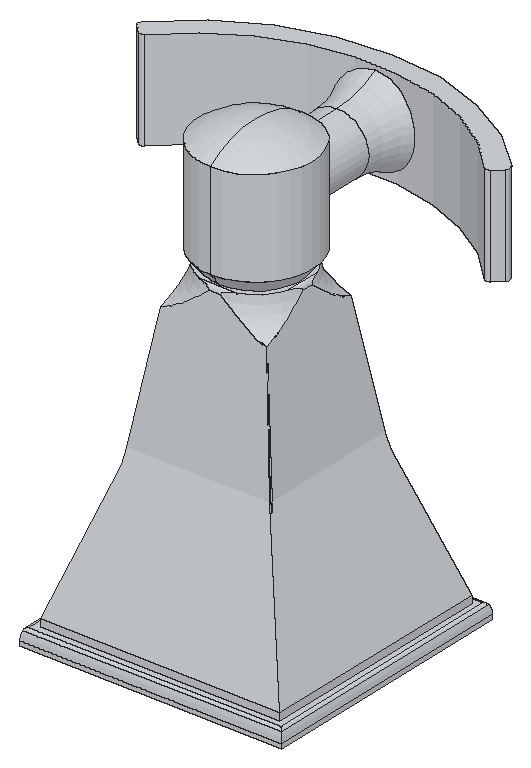
Revit family "Accessory-Robe_Hook-KOHLER-Memoirs-K-492", category Specialty Equipment, host Face, Revit 2015
Parameters (values of type "CP-Polished Chrome")
  Width = 3 1/4"  # constant formula
  URL = "https://www.us.kohler.com/us/"
  Type = 1
  Product Page URL = "http://www.us.kohler.com/us/catalog/productDetails.jsp?productNumber=492"
  Product Name = "Memoirs"  # constant formula
  Product Documentation Link = "http://www.us.kohler.com/onlinecatalog/pdf/K-492_spec.pdf"
  Model = if(Type = 1, "K-492-CP", if(Type = 2, "K-492-BN", if(Type = 3, "K-492-BV", if(Type = 4, "K-492-2BZ", "NA"))))  # "K-492-CP"
  Material = "Solid Brass Construction"  # constant formula
  MasterFormat 2004 = "10.28.13"  # constant formula
  MasterFormat 1995 = "10820"  # constant formula
  Manufacturer Address = "444 Highland Dr, Kohler, WI 53044"  # constant formula
  Manufacturer = "KOHLER Co."  # constant formula
  Length = 2 5/8"  # constant formula
  Height = 2 1/8"  # constant formula
  Finish = Kohler-Metal-CP-Polished_Chrome
  Environmental Product Declaration = ""
  Description = "Robe hook"  # constant formula
  Default Elevation = 42"
  Declare Label = ""
  Date Modified = "12/25/2018"  # constant formula
  Date Created = "12/25/2018"  # constant formula
  Copyright = "Copyright KOHLER Co."  # constant formula
  Contact Us = "https://www.us.kohler.com/us/static/contact.jsp"
  Assembly Code = "C1030200"
  ADA Compliant = 1 = 0  # no
Types (5): name | Type | Model | Finish
  (no name) | 1 | "K-492-CP" | Kohler-Metal-CP-Polished_Chrome
  CP-Polished Chrome | 1 | "K-492-CP" | Kohler-Metal-CP-Polished_Chrome
  BN-Vibrant Brushed Nickel | 2 | "K-492-BN" | Kohler-Metal-BN-Vibrant_Brushed_Nickel
  BV-Vibrant Brushed Bronze | 3 | "K-492-BV" | Kohler-Metal-BV-Brushed_Bronze
  2BZ-Oil Rubbed Bronze | 4 | "K-492-2BZ" | Kohler-Metal-2BZ-Oil_Rubbed_Bronze
Reference planes (in)
  plane 1 "Center (Front/Back)": y = 0
  plane 2: z = 0
  plane 3 "Center (Left/Right)": x = 0
  plane 4: z = 3.25
  plane 5: x = -1.3125
  plane 6: x = 1.3125
  plane 7: y = 1.2
  plane 8: y = -0.925
Dimensions and locks (in)
  "Length": plane 5 to plane 6
  "Height": plane 8 to plane 7
  "Width": plane 4 to level
  aligned and locked: plane 2 to host face
  aligned and locked: level to host face
Automatic sketch dimensions
  host sketch curve to host sketch curve = 96"  (x2)
Nested families (in)
  nested 1: "K-492" at (0, 0, 0), type "K-492"
Definition of nested family "K-492"
  Parameters (values of type "K-492")
    Material = none
  Reference planes (in)
    plane 1 "Center (Front/Back)": y = 0
    plane 2: z = 0
    plane 3 "Center (Left/Right)": x = 0
    plane 4: z = 3.25
    plane 5: x = -1.3125
    plane 6: x = 1.3125
    plane 7: y = -0.925
    plane 8: y = 0.925
    plane 9: x = 0.925
    plane 10: x = -0.925
    plane 11: x = -1.3125
    plane 12: y = 1.2
  Forms (in)
    Sweep 1, solid, material <- "Material", detail levels medium+fine
      path origin (0, 0, 0) x (1, 0, 0) y (0, 1, 0)
        loop
          line (0.925, 0.925) -> (-0.925, 0.925) -> (-0.925, -0.925) -> (0.925, -0.925) -> (0.925, 0.925)
      profile origin (0, 0.925, 0) x (0, -1, 0) y (0, 0, 1)
        loop
          line (0, 0) -> (0.6245715, 0) -> (0.6245715, 2.339) -> (0.593665, 2.339)
          arc (0.593665, 2.339) -> (0.5729754, 2.3306447) -> (0.5638903, 2.310265) r 0.0297934
          arc (0.5638903, 2.310265) -> (0.4221216, 1.2125891) -> (0.08, 0.16) r 5.9649926
          line (0.08, 0.16) -> (0.08, 0.11) -> (0.0348101, 0.11)
          arc (0.0348101, 0.11) -> (0.020211, 0.1053859) -> (0.0109152, 0.0932198) r 0.0254032
          arc (0.0109152, 0.0932198) -> (0.0027494, 0.062492) -> (0, 0.0308169) r 0.1838382
          line (0, 0.0308169) -> (0, 0)
    Revolve 2, solid, material <- "Material", detail levels medium+fine
      sketch origin (0, 0, 0) x (0, 1, 0) y (0, 0, 1)
        loop
          line (0, 3.25) -> (0, 2.3155625) -> (0.2964236, 2.3155625) -> (0.4000001, 2.4390002) -> (0.4000001, 3.1196553)
          arc (0.4000001, 3.1196553) -> (0.2103508, 3.2165919) -> (0, 3.25) r 0.6789299
        axis (0, 3.25) -> (0, 2.3155625)
      angle from 0 to 360
    Revolve 3, solid, material <- "Material", detail levels medium+fine
      sketch origin (0, 0, 0) x (0, 1, 0) y (0, 0, 1)
        loop
          line (0.1621035, 2.779) -> (1.0726922, 2.779) -> (1.0726922, 3.1036838)
          arc (1.0726922, 3.1036838) -> (0.901928, 3.0257119) -> (0.7161148, 2.9990001) r 0.6596352
          line (0.7161148, 2.9990001) -> (0.1621035, 2.9990001) -> (0.1621035, 2.779)
        axis (1.0726922, 2.779) -> (0.1621035, 2.779)
      angle from 0 to 360
    Extrusion 4, solid, material <- "Material", detail levels medium+fine
      sketch origin (0, 0, 0) x (1, 0, 0) y (0, 1, 0)
        loop
          arc (1.3040949, 0.6185355) -> (1.3125011, 0.5949053) -> (1.3017208, 0.5722594) r 0.0327431
          line (1.3017208, 0.5722594) -> (1.2408248, 0.517381)
          arc (1.2408248, 0.517381) -> (1.2246466, 0.5097102) -> (1.2069139, 0.5121854) r 0.0312318
          arc (1.2069139, 0.5121854) -> (0.0047508, 1.0574356) -> (-1.1995438, 0.5169096) r 1.6048339
          arc (-1.1995438, 0.5169096) -> (-1.2202733, 0.509352) -> (-1.2408248, 0.517381) r 0.0312318
          line (-1.2408248, 0.517381) -> (-1.3017208, 0.5722594)
          arc (-1.3017208, 0.5722594) -> (-1.3125, 0.5948842) -> (-1.3045337, 0.6188358) r 0.0327431
          arc (-1.3045337, 0.6188358) -> (0.0005046, 1.2000004) -> (1.306292, 0.6205209) r 1.7584001
      from 2.429 to 3.129
    Extrusion 5, solid, material <- "Material", detail levels medium+fine
      sketch origin (0, 0, 0) x (1, 0, 0) y (0, 1, 0)
        loop
          line (-0.3004285, 0.3004285) -> (-0.3004285, -0.3004285) -> (0.3004285, -0.3004285) -> (0.3004285, 0.3004285) -> (-0.3004285, 0.3004285)
      from 0 to 2.339
    Revolve 6, void
      sketch origin (0, 0, 0) x (0, 1, 0) y (0, 0, 1)
        loop
          line (0.5899166, 2.0708433) -> (0.9327473, 2.0708433) -> (0.9327473, 2.3468409) -> (0.3586497, 2.3468409)
          arc (0.3586497, 2.3468409) -> (0.429352, 2.1711928) -> (0.5899166, 2.0708433) r 0.3057929
        axis (0, 2.3468409) -> (0, 2.0708433)
      angle from 0 to 360
    Blend 7, solid, material <- "Material", detail levels coarse
      base sketch origin (0, 0, 0) x (-1, 0, 0) y (0, -1, 0)
        loop
          line (-0.925, 0.925) -> (-0.925, -0.925) -> (0.925, -0.925) -> (0.925, 0.925) -> (-0.925, 0.925)
      top sketch origin (0, 0, 0) x (-1, 0, 0) y (0, -1, 0)
        loop
          line (-0.3724802, 0.3727439) -> (-0.3724802, -0.3727311) -> (0.3727311, -0.3727311) -> (0.3727311, 0.3727439) -> (-0.3724802, 0.3727439)
      from 0 to 2.339
    Extrusion 8, solid, material <- "Material", detail levels coarse
      sketch origin (0, 0, 0) x (-1, 0, 0) y (0, -1, 0)
        loop
          circle (0, 0) r 0.3724802
      from 2.2271048 to 3.25
    Extrusion 9, solid, material <- "Material", detail levels coarse
      sketch origin (0, 0, 0) x (1, 0, 0) y (0, 1, 0)
        loop
          arc (1.3125, 0.6136142) -> (-0.0008241, 1.199999) -> (-1.3124999, 0.6099365) r 1.7584001
          line (-1.3124999, 0.6099365) -> (-1.2088625, 0.5062991)
          arc (-1.2088625, 0.5062991) -> (-0.7630998, 0.8635355) -> (-0.2204473, 1.042003) r 1.6048339
          line (-0.2204473, 1.042003) -> (-0.2204473, 0.2265301) -> (0.2204473, 0.2265301) -> (0.2204473, 1.0424468)
          arc (0.2204473, 1.0424468) -> (0.7627346, 0.8654623) -> (1.2088568, 0.5099711) r 1.6048339
          line (1.2088568, 0.5099711) -> (1.3125, 0.6136142)
      from 2.429 to 3.129
  Cuts and joins
    Revolve 6 cuts Sweep 1
    Revolve 6 cuts Extrusion 5
    joined: Sweep 1, Revolve 2, Revolve 3, Extrusion 4, Extrusion 5
    joined: Blend 7, Extrusion 8, Extrusion 9
  Lines and regions (in)
    Masking region 1
      outline origin (0, 0, 0) x (1, 0, 0) y (0, 1, 0)
        loop
          arc (-1.3040943, 0.620001) -> (-1.3124354, 0.5963936) -> (-1.3016576, 0.5737944) r 0.0327431
          line (-1.3016576, 0.5737944) -> (-1.2400332, 0.5182595)
          arc (-1.2400332, 0.5182595) -> (-1.2195168, 0.5102309) -> (-1.1988054, 0.5177423) r 0.0312318
          arc (-1.1988054, 0.5177423) -> (-1.0689443, 0.6481909) -> (-0.925, 0.7629115) r 1.6048339
          line (-0.925, 0.7629115) -> (-0.925, -0.925) -> (0.925, -0.925) -> (0.925, 0.7629115)
          arc (0.925, 0.7629115) -> (1.0690106, 0.6481315) -> (1.1989237, 0.517609) r 1.6048339
          arc (1.1989237, 0.517609) -> (1.2196378, 0.5100905) -> (1.2401596, 0.5181192) r 0.0312318
          line (1.2401596, 0.5181192) -> (1.3017838, 0.5736539)
          arc (1.3017838, 0.5736539) -> (1.3125616, 0.5962513) -> (1.3042229, 0.6198578) r 0.0327431
          arc (1.3042229, 0.6198578) -> (0.0000962, 1.2014648) -> (-1.3040943, 0.620001) r 1.7531288
        loop
          arc (-0.2539116, 0.925) -> (-0.274154, 0.9779963) -> (-0.2988707, 1.0290593) r 0.6602851
          arc (-0.2988707, 1.0290593) -> (-0.4707057, 0.9863645) -> (-0.6367915, 0.925) r 1.6048339
          line (-0.6367915, 0.925) -> (-0.2539116, 0.925)
        loop
          line (0.2539116, 0.925) -> (0.6367915, 0.925)
          arc (0.6367915, 0.925) -> (0.4707057, 0.9863645) -> (0.2988707, 1.0290593) r 1.6048339
          arc (0.2988707, 1.0290593) -> (0.274154, 0.9779963) -> (0.2539116, 0.925) r 0.6602851
    Masking region 2
      outline origin (0, 0, 0) x (1, 0, 0) y (0, 0, 1)
        loop
          line (1.2188153, 3.129) -> (0.3875624, 3.129)
          arc (0.3875624, 3.129) -> (0, 3.2504883) -> (-0.3875624, 3.129) r 0.6789299
          line (-0.3875624, 3.129) -> (-1.2188153, 3.129)
          arc (-1.2188153, 3.129) -> (-1.2850604, 3.1015604) -> (-1.3125, 3.0353153) r 0.0936847
          line (-1.3125, 3.0353153) -> (-1.3125, 2.5226847)
          arc (-1.3125, 2.5226847) -> (-1.2850604, 2.4564396) -> (-1.2188153, 2.429) r 0.0936847
          line (-1.2188153, 2.429) -> (-0.3931335, 2.429) -> (-0.331335, 2.339)
          arc (-0.331335, 2.339) -> (-0.3520246, 2.3306447) -> (-0.3611097, 2.310265) r 0.0297934
          arc (-0.3611097, 2.310265) -> (-0.5028784, 1.2125891) -> (-0.845, 0.16) r 5.9649926
          line (-0.845, 0.16) -> (-0.845, 0.11) -> (-0.8901899, 0.11)
          arc (-0.8901899, 0.11) -> (-0.904789, 0.1053859) -> (-0.9140848, 0.0932198) r 0.0254032
          arc (-0.9140848, 0.0932198) -> (-0.9222506, 0.062492) -> (-0.925, 0.0308169) r 0.1838382
          line (-0.925, 0.0308169) -> (-0.925, 0) -> (0.925, 0) -> (0.925, 0.0308169)
          arc (0.925, 0.0308169) -> (0.9222506, 0.062492) -> (0.9140848, 0.0932198) r 0.1838382
          arc (0.9140848, 0.0932198) -> (0.904789, 0.1053859) -> (0.8901899, 0.11) r 0.0254032
          line (0.8901899, 0.11) -> (0.845, 0.11) -> (0.845, 0.16)
          arc (0.845, 0.16) -> (0.5028784, 1.2125891) -> (0.3611097, 2.310265) r 5.9649926
          arc (0.3611097, 2.310265) -> (0.3520246, 2.3306447) -> (0.331335, 2.339) r 0.0297934
          line (0.331335, 2.339) -> (0.3931335, 2.429) -> (1.2188153, 2.429)
          arc (1.2188153, 2.429) -> (1.2850604, 2.4564396) -> (1.3125, 2.5226847) r 0.0936847
          line (1.3125, 2.5226847) -> (1.3125, 3.0353153)
          arc (1.3125, 3.0353153) -> (1.2850604, 3.1015604) -> (1.2188153, 3.129) r 0.0936847
    Masking region 3
      outline origin (0, 0, 0) x (0, 1, 0) y (0, 0, 1)
        loop
          arc (0.845, 0.16) -> (0.5028784, 1.2125891) -> (0.3611097, 2.310265) r 5.9649926
          arc (0.3611097, 2.310265) -> (0.3520246, 2.3306447) -> (0.331335, 2.339) r 0.0297934
          line (0.331335, 2.339) -> (0.4000001, 2.4390002) -> (0.4000001, 2.5589998) -> (0.5093499, 2.5589998) -> (0.5093499, 2.52275)
          arc (0.5093499, 2.52275) -> (0.5368087, 2.4564587) -> (0.6030999, 2.429) r 0.09375
          line (0.6030999, 2.429) -> (1.10625, 2.429)
          arc (1.10625, 2.429) -> (1.1725413, 2.4564587) -> (1.2, 2.52275) r 0.09375
          line (1.2, 2.52275) -> (1.2, 3.03525)
          arc (1.2, 3.03525) -> (1.1725413, 3.1015413) -> (1.10625, 3.129) r 0.09375
          line (1.10625, 3.129) -> (0.6030999, 3.129)
          arc (0.6030999, 3.129) -> (0.5368087, 3.1015413) -> (0.5093499, 3.03525) r 0.09375
          line (0.5093499, 3.03525) -> (0.5093499, 2.9990001) -> (0.4000001, 2.9990001) -> (0.4000001, 3.1202656)
          arc (0.4000001, 3.1202656) -> (0, 3.2506104) -> (-0.4000001, 3.1202656) r 0.6789299
          line (-0.4000001, 3.1202656) -> (-0.4000001, 2.4390002) -> (-0.331335, 2.339)
          arc (-0.331335, 2.339) -> (-0.3520246, 2.3306447) -> (-0.3611097, 2.310265) r 0.0297934
          arc (-0.3611097, 2.310265) -> (-0.5028784, 1.2125891) -> (-0.845, 0.16) r 5.9649926
          line (-0.845, 0.16) -> (-0.845, 0.11) -> (-0.8901899, 0.11)
          arc (-0.8901899, 0.11) -> (-0.904789, 0.1053859) -> (-0.9140848, 0.0932198) r 0.0254032
          arc (-0.9140848, 0.0932198) -> (-0.9222506, 0.062492) -> (-0.925, 0.0308169) r 0.1838382
          line (-0.925, 0.0308169) -> (-0.925, 0) -> (0.925, 0) -> (0.925, 0.0308169)
          arc (0.925, 0.0308169) -> (0.9222506, 0.062492) -> (0.9140848, 0.0932198) r 0.1838382
          arc (0.9140848, 0.0932198) -> (0.904789, 0.1053859) -> (0.8901899, 0.11) r 0.0254032
          line (0.8901899, 0.11) -> (0.845, 0.11) -> (0.845, 0.16)
    symbolic lines, detail levels medium+fine
      curve 1: line (-0.845, 0.8159682, 0) -> (-0.845, -0.845, 0)
      curve 2: line (0.7963517, 0.845, 0) -> (0.2327009, 0.845, 0)
      curve 3: line (0.845, -0.845, 0) -> (0.845, 0.8159682, 0)
      curve 4: line (-0.845, -0.845, 0) -> (0.845, -0.845, 0)
      curve 5: spline (-0.845, -0.845, 0) -> (-0.7828934, -0.7825017, 0) -> (-0.7246952, -0.7239822, 0) -> (-0.6704865, -0.6695232, 0) -> (-0.6203429, -0.6192006, 0) -> (-0.5743346, -0.5730848, 0) -> (-0.5325257, -0.5312401, 0) -> (-0.4949745, -0.4937248, 0) -> (-0.4617335, -0.4605914, 0) -> (-0.432849, -0.4318861, 0) -> (-0.4083614, -0.4076489, 0) -> (-0.3883048, -0.3879137, 0) -> (-0.3727072, -0.372708, 0)
      curve 6: spline (0.8270624, 0.8269446, 0) -> (0.767443, 0.7669613, 0) -> (0.7115706, 0.7107923, 0) -> (0.6595196, 0.6585124, 0) -> (0.6113593, 0.6101913, 0) -> (0.5671537, 0.5658931, 0) -> (0.5269617, 0.5256768, 0) -> (0.4908367, 0.489596, 0) -> (0.4588268, 0.4576986, 0) -> (0.4309747, 0.4300271, 0) -> (0.4073173, 0.4066184, 0) -> (0.3878862, 0.3875035, 0) -> (0.3727072, 0.372708, 0)
      curve 7: spline (-0.3648087, 0.1640571, 0) -> (-0.3653573, 0.1804459, 0) -> (-0.3659265, 0.1970349, 0) -> (-0.3665162, 0.2138189, 0) -> (-0.3671261, 0.2307926, 0) -> (-0.3677561, 0.2479504, 0) -> (-0.3684059, 0.2652871, 0) -> (-0.3690754, 0.2827971, 0) -> (-0.3697643, 0.3004748, 0) -> (-0.3704724, 0.3183147, 0) -> (-0.3711995, 0.3363111, 0) -> (-0.3719454, 0.3544583, 0) -> (-0.3727099, 0.3727505, 0)
      curve 8: spline (-0.3727099, 0.3727505, 0) -> (-0.3595342, 0.3723714, 0) -> (-0.3464332, 0.3719888, 0) -> (-0.3334092, 0.3716025, 0) -> (-0.3204641, 0.3712128, 0) -> (-0.3076001, 0.3708196, 0) -> (-0.2948194, 0.370423, 0) -> (-0.282124, 0.3700231, 0) -> (-0.2695161, 0.36962, 0) -> (-0.2569977, 0.3692137, 0) -> (-0.2445708, 0.3688042, 0) -> (-0.2322376, 0.3683918, 0) -> (-0.22, 0.3679763, 0)
      curve 9: spline (0.22, 0.3667378, 0) -> (0.2322402, 0.3671798, 0) -> (0.2445756, 0.3676322, 0) -> (0.257004, 0.3680948, 0) -> (0.2695234, 0.3685676, 0) -> (0.2821319, 0.3690506, 0) -> (0.2948273, 0.3695436, 0) -> (0.3076075, 0.3700465, 0) -> (0.3204704, 0.3705594, 0) -> (0.333414, 0.3710821, 0) -> (0.3464361, 0.3716144, 0) -> (0.3595346, 0.3721565, 0) -> (0.3727072, 0.372708, 0)
      curve 10: spline (0.3727439, 0.3724802, 0) -> (0.3722098, 0.3539773, 0) -> (0.3716686, 0.335624, 0) -> (0.3711205, 0.3174262, 0) -> (0.3705655, 0.2993897, 0) -> (0.370004, 0.2815205, 0) -> (0.369436, 0.2638244, 0) -> (0.3688618, 0.246307, 0) -> (0.3682816, 0.2289742, 0) -> (0.3676955, 0.2118315, 0) -> (0.3671037, 0.1948845, 0) -> (0.3665064, 0.1781387, 0) -> (0.3659039, 0.1615996, 0)
      curve 11: spline (0.3727098, -0.3727505, 0) -> (0.3541862, -0.3722159, 0) -> (0.3358123, -0.3716742, 0) -> (0.3175942, -0.3711256, 0) -> (0.2995377, -0.3705701, 0) -> (0.2816488, -0.3700081, 0) -> (0.2639332, -0.3694395, 0) -> (0.2463968, -0.3688648, 0) -> (0.2290452, -0.368284, 0) -> (0.2118842, -0.3676973, 0) -> (0.1949192, -0.3671049, 0) -> (0.1781559, -0.3665071, 0) -> (0.1615996, -0.3659039, 0)
      curve 12: spline (0.3648097, -0.1640549, 0) -> (0.3653583, -0.1804438, 0) -> (0.3659276, -0.1970329, 0) -> (0.3665172, -0.2138171, 0) -> (0.3671271, -0.2307908, 0) -> (0.367757, -0.2479489, 0) -> (0.3684068, -0.2652857, 0) -> (0.3690762, -0.2827959, 0) -> (0.369765, -0.3004739, 0) -> (0.370473, -0.318314, 0) -> (0.3711999, -0.3363106, 0) -> (0.3719456, -0.354458, 0) -> (0.3727098, -0.3727505, 0)
      curve 13: spline (-0.1640549, -0.3648097, 0) -> (-0.1804406, -0.3653582, 0) -> (-0.1970264, -0.3659274, 0) -> (-0.2138071, -0.3665169, 0) -> (-0.2307775, -0.3671266, 0) -> (-0.247932, -0.3677564, 0) -> (-0.2652652, -0.368406, 0) -> (-0.2827718, -0.3690752, 0) -> (-0.300446, -0.3697639, 0) -> (-0.3182824, -0.3704717, 0) -> (-0.3362752, -0.3711985, 0) -> (-0.3544187, -0.371944, 0) -> (-0.3727072, -0.372708, 0)
      curve 14: spline (-0.3727439, -0.3724802, 0) -> (-0.3722098, -0.3539773, 0) -> (-0.3716686, -0.335624, 0) -> (-0.3711205, -0.3174262, 0) -> (-0.3705655, -0.2993897, 0) -> (-0.370004, -0.2815205, 0) -> (-0.369436, -0.2638244, 0) -> (-0.3688618, -0.246307, 0) -> (-0.3682816, -0.2289742, 0) -> (-0.3676955, -0.2118315, 0) -> (-0.3671037, -0.1948845, 0) -> (-0.3665064, -0.1781387, 0) -> (-0.3659039, -0.1615996, 0)
      curve 15: circle (0, 0, 0) r 0.4000001 normal (0, 0, 1)
      curve 16: line (-0.22, 0.7161166, 0) -> (-0.22, 0.334066, 0)
      curve 17: arc (-0.2539116, 0.925, 0) -> (-0.228533, 0.8219257, 0) -> (-0.22, 0.7161166, 0) r 0.6602789
      curve 18: arc (-0.925, 0.7629115, 0) -> (-0.7850815, 0.8513984, 0) -> (-0.6367915, 0.925, 0) r 1.6048339
      curve 19: spline (0.845, -0.845, 0) -> (0.7828934, -0.7825017, 0) -> (0.7246952, -0.7239822, 0) -> (0.6704865, -0.6695232, 0) -> (0.6203429, -0.6192006, 0) -> (0.5743346, -0.5730848, 0) -> (0.5325257, -0.5312401, 0) -> (0.4949745, -0.4937248, 0) -> (0.4617335, -0.4605914, 0) -> (0.432849, -0.4318861, 0) -> (0.4083614, -0.4076489, 0) -> (0.3883048, -0.3879137, 0) -> (0.3727072, -0.372708, 0)
      curve 20: spline (-0.8270624, 0.8269446, 0) -> (-0.767443, 0.7669613, 0) -> (-0.7115706, 0.7107923, 0) -> (-0.6595196, 0.6585124, 0) -> (-0.6113593, 0.6101913, 0) -> (-0.5671537, 0.5658931, 0) -> (-0.5269617, 0.5256768, 0) -> (-0.4908367, 0.489596, 0) -> (-0.4588268, 0.4576986, 0) -> (-0.4309747, 0.4300271, 0) -> (-0.4073173, 0.4066184, 0) -> (-0.3878862, 0.3875035, 0) -> (-0.3727072, 0.372708, 0)
      curve 21: line (0.22, 0.7161166, 0) -> (0.22, 0.334066, 0)
      curve 22: arc (0.2539116, 0.925, 0) -> (0.228533, 0.8219257, 0) -> (0.22, 0.7161166, 0) r 0.6602789
      curve 23: arc (0.925, 0.7629115, 0) -> (0.7850815, 0.8513984, 0) -> (0.6367915, 0.925, 0) r 1.6048339
      curve 24: line (-0.2327009, 0.845, 0) -> (-0.7963517, 0.845, 0)
      curve 25: arc (-0.2988707, 1.0290593, 0) -> (0, 1.0574427, 0) -> (0.2988707, 1.0290593, 0) r 1.5877149
      curve 26: line (-0.845, 0, 0.16) -> (0.845, 0, 0.16)
      curve 27: line (-0.845, 0, 0.11) -> (0.845, 0, 0.11)
      curve 28: spline (-0.0402793, 0, 2.3123906) -> (-0.0647654, 0, 2.289765) -> (-0.0899108, 0, 2.2678764) -> (-0.1156933, 0, 2.2467441) -> (-0.1420902, 0, 2.2263867) -> (-0.1690782, 0, 2.2068221) -> (-0.1966334, 0, 2.1880678) -> (-0.2247316, 0, 2.1701401) -> (-0.2533479, 0, 2.153055) -> (-0.282457, 0, 2.1368275) -> (-0.3120333, 0, 2.1214719) -> (-0.3420507, 0, 2.1070019) -> (-0.3724827, 0, 2.0934301)
      curve 29: spline (-0.1209058, 0, 2.3384113) -> (-0.1140035, 0, 2.3382243) -> (-0.1070692, 0, 2.337664) -> (-0.1001227, 0, 2.3367319) -> (-0.0931837, 0, 2.3354307) -> (-0.0862718, 0, 2.333764) -> (-0.0794069, 0, 2.3317366) -> (-0.0726084, 0, 2.3293544) -> (-0.0658957, 0, 2.326624) -> (-0.0592877, 0, 2.3235532) -> (-0.0528035, 0, 2.3201508) -> (-0.0464613, 0, 2.3164264) -> (-0.0402793, 0, 2.3123906)
      curve 30: spline (0.0400045, 0, 2.3126757) -> (0.0454681, 0, 2.316686) -> (0.0511343, 0, 2.3203864) -> (0.0569872, 0, 2.3237666) -> (0.0630104, 0, 2.326817) -> (0.0691869, 0, 2.329529) -> (0.0754993, 0, 2.3318951) -> (0.0819298, 0, 2.3339085) -> (0.0884605, 0, 2.3355636) -> (0.0950729, 0, 2.3368557) -> (0.1017485, 0, 2.3377813) -> (0.1084684, 0, 2.3383377) -> (0.1152137, 0, 2.3385233)
      curve 31: spline (0.3724802, 0, 2.0934276) -> (0.3420019, 0, 2.1070078) -> (0.311942, 0, 2.1214894) -> (0.2823271, 0, 2.1368596) -> (0.2531836, 0, 2.1531046) -> (0.2245372, 0, 2.1702101) -> (0.1964133, 0, 2.1881609) -> (0.1688369, 0, 2.2069412) -> (0.1418324, 0, 2.2265341) -> (0.1154237, 0, 2.2469225) -> (0.0896344, 0, 2.2680882) -> (0.0644872, 0, 2.2900124) -> (0.0400045, 0, 2.3126757)
      curve 32: line (0.331335, 0, 2.339) -> (-0.331335, 0, 2.339)
      curve 33: line (-0.3931335, 0, 2.429) -> (0.3931335, 0, 2.429)
      curve 34: line (-0.3868592, 0, 3.129) -> (0.3868592, 0, 3.129)
      curve 35: line (0, 0.845, 0.11) -> (0, -0.845, 0.11)
      curve 36: line (0, 0.845, 0.16) -> (0, -0.845, 0.16)
      curve 37: line (0, 0.331335, 2.339) -> (0, -0.331335, 2.339)
      curve 38: line (0, 0.4000001, 2.4390002) -> (0, -0.4000001, 2.4390002)
      curve 39: line (0, 0.4000001, 3.1196553) -> (0, -0.4000001, 3.1196553)
      curve 40: line (0, 0.5093499, 2.9990001) -> (0, 0.5093499, 2.5589998)
      curve 41: arc (0, 0.4000001, 2.9990001) -> (0, 0.3307063, 2.779) -> (0, 0.4000001, 2.5589998) r 0.3838848
      curve 42: spline (0, 0.0402794, 2.3123907) -> (0, 0.0647657, 2.2897655) -> (0, 0.0899114, 2.2678772) -> (0, 0.1156941, 2.2467452) -> (0, 0.1420911, 2.226388) -> (0, 0.1690792, 2.2068237) -> (0, 0.1966345, 2.1880695) -> (0, 0.2247327, 2.170142) -> (0, 0.253349, 2.153057) -> (0, 0.2824581, 2.1368296) -> (0, 0.3120344, 2.1214741) -> (0, 0.3420517, 2.107004) -> (0, 0.3724836, 2.0934321)
      curve 43: spline (0, 0.1209058, 2.3384113) -> (0, 0.1140035, 2.3382243) -> (0, 0.1070693, 2.337664) -> (0, 0.1001227, 2.3367319) -> (0, 0.0931837, 2.3354307) -> (0, 0.0862719, 2.333764) -> (0, 0.079407, 2.3317367) -> (0, 0.0726085, 2.3293544) -> (0, 0.0658957, 2.326624) -> (0, 0.0592878, 2.3235532) -> (0, 0.0528036, 2.3201508) -> (0, 0.0464614, 2.3164264) -> (0, 0.0402794, 2.3123907)
      curve 44: spline (0, -0.3724802, 2.0934276) -> (0, -0.3420019, 2.1070078) -> (0, -0.311942, 2.1214894) -> (0, -0.2823271, 2.1368596) -> (0, -0.2531836, 2.1531046) -> (0, -0.2245372, 2.1702101) -> (0, -0.1964133, 2.1881609) -> (0, -0.1688369, 2.2069412) -> (0, -0.1418324, 2.2265341) -> (0, -0.1154237, 2.2469225) -> (0, -0.0896344, 2.2680882) -> (0, -0.0644872, 2.2900124) -> (0, -0.0400045, 2.3126757)
      curve 45: spline (0, -0.0400045, 2.3126757) -> (0, -0.0454681, 2.316686) -> (0, -0.0511343, 2.3203864) -> (0, -0.0569872, 2.3237666) -> (0, -0.0630104, 2.326817) -> (0, -0.0691869, 2.329529) -> (0, -0.0754993, 2.3318951) -> (0, -0.0819298, 2.3339085) -> (0, -0.0884605, 2.3355636) -> (0, -0.0950729, 2.3368557) -> (0, -0.1017485, 2.3377813) -> (0, -0.1084684, 2.3383377) -> (0, -0.1152137, 2.3385233)
  Dimensions and locks (in)
    aligned and locked: level to plane 2
